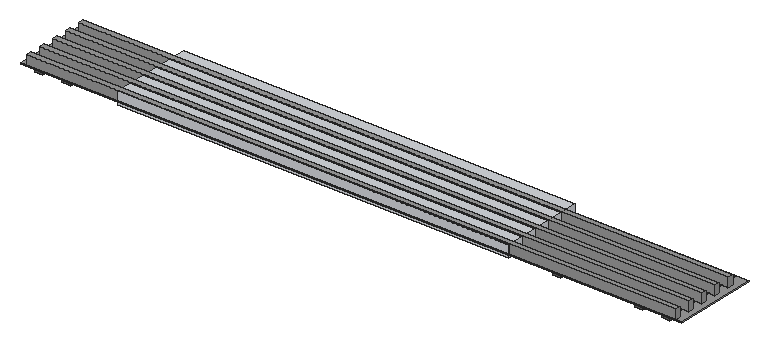
Revit family "1112-5, Solid", category Generic Models, host Face, Revit 2020
Family settings
  Host = Face
  Can host rebar = No
  Round Connector Dimension = Use Diameter
  Part Type = Normal
  Cut with Voids When Loaded = No
  Shared = No
  Room Calculation Point = No
Parameters
  min_value [instance] = 1' - 11 1/4"  # constant formula
  max_value [instance] = 11' - 11 1/4"  # constant formula
  actual_value [instance] = if(NET LENGTH < min_value, min_value, if(NET LENGTH > max_value, max_value, NET LENGTH))  # 7' - 11 1/4"
  SCRIM MATERIAL [instance] = SCRIM
  SCRIM [instance] = yes
  NET LENGTH [instance] = 7' - 11 1/4"
  Default Elevation = 4' - 0"
  BACKER MATERIAL [instance] = BLACK-BACKERS
  .. MEMBER WIDTH [instance] = 0' - 0 3/4"  # constant formula
  .. MEMBER MATERIAL [instance] = Solid Western Hemlock
  .. MEMBER LENGTH [instance] = actual_value  # 7' - 11 1/4"
  .. MEMBER DEPTH [instance] = 0' - 1 3/8"  # constant formula
  .. MEMBER COUNT [instance] = 5  # constant formula
  IMPORTANT NOTE!!!                                                                             *Backer layout is for visualization purposes only, final layout to be determined by 9Wood. [instance] = ""
Reference planes (in)
  plane 1 "Center (Front/Back)": y = 0
  plane 2: z = 1.82209
  plane 3 "Center (Left/Right)": x = 0
Forms (in)
  Extrusion 1, solid
    sketch origin (132, -33.80483, 0) x (1, 0, 0) y (0, 1, 0)
      loop
        line (-118.625, 33.80483) -> (-61.26146, 33.80483) -> (-61.26146, 45.86733) -> (-118.625, 45.86733) -> (-118.625, 33.80483)
    from 1.82209 to 0
Dimensions and locks (in)
  aligned and locked: Extrusion 1 to plane 2
  aligned and locked: plane 3 "Center (Left/Right)" to nested 1
Nested families (in)
  nested 1: "1100 SERIES CONFIG" at (0, 2, 0), .. MEMBER DEPTH <- ".. MEMBER DEPTH", .. MEMBER LENGTH <- ".. MEMBER LENGTH", .. MEMBER WIDTH <- ".. MEMBER WIDTH", .. MEMBER MATERIAL <- ".. MEMBER MATERIAL", BACKING M MATERIAL <- "BACKER MATERIAL", SCRIM  MATERIAL <- "SCRIM MATERIAL", .. MEMBER COUNT <- ".. MEMBER COUNT", SCRIM <- "SCRIM", type "1100 SERIES CONFIG"
    with X 7' - 8", SCRIM OVERHANG 2 0' - 0 3/32", SCRIM OVERHANG 0' - 0 7/8", SCRIM LENGTH 8' - 1", SCRIM  MATERIAL SCRIM, SCRIM yes, NOMINAL LENGTH 7, N 8, Inset 6' - 0 3/8", INSET 0' - 1", INDEX 0' - 5 5/8", HALF MEMBER WIDTH 0' - 0 3/8", HALF LENGTH 3' - 11 5/8", END BACKER yes, BACKING M WIDTH 0' - 1 1/4", BACKING M OC SPACING 1' - 0", BACKING M MATERIAL BLACK-BACKERS, BACKING M LENGTH 0' - 11 7/8", BACKING M DEPTH 0' - 0 1/2", BACKING M COUNT 8, 3/16" INSET 0' - 0 3/16", .. MEMBER WIDTH 0' - 0 3/4", .. MEMBER OC SPACING 0' - 2.4", .. MEMBER MATERIAL Solid Western Hemlock, .. MEMBER LENGTH 7' - 11 1/4", .. MEMBER DEPTH 0' - 1 3/8", .. MEMBER COUNT 5
Definition of nested family "1100 SERIES CONFIG"
  Parameters (values of type "1100 SERIES CONFIG")
    X [instance] = .. MEMBER LENGTH - 0' 3 1/4"  # 5' - 5"
    SCRIM OVERHANG 2 [instance] = 0' - 0 3/32"  # constant formula
    SCRIM OVERHANG [instance] = 0' - 0 7/8"  # constant formula
    SCRIM LENGTH [instance] = .. MEMBER LENGTH + (SCRIM OVERHANG * 2)  # 5' - 10"
    SCRIM  MATERIAL [instance] = none
    SCRIM [instance] = yes
    NOMINAL LENGTH [instance] = 7
    N [instance] = if((X - (rounddown(X / 1' 0") * 1' 0")) > 1' 0", rounddown(X / 1' 0") + 2, rounddown(X / 1' 0") + 1)  # 6
    Inset [instance] = 6' - 0 3/8"  # constant formula
    INSET [instance] = 0' - 1"  # constant formula
    END BACKER [instance] = INDEX > 0' 3 5/8"  # yes
    INDEX [instance] = (.. MEMBER LENGTH - ((N - 1) * 1' 0")) / 2  # 0' - 4 1/8"
    HALF MEMBER WIDTH [instance] = .. MEMBER WIDTH / 2  # 0' - 0 5/16"
    HALF LENGTH [instance] = .. MEMBER LENGTH / 2  # 2' - 10 1/8"
    Default Elevation = 0' - 0"
    BACKING M WIDTH [instance] = 0' - 1 1/4"
    BACKING M SPACING = 3' - 3"
    BACKING M MATERIAL [instance] = none
    BACKING M LENGTH [instance] = 0' - 11 7/8"
    BACKING M DEPTH [instance] = 0' - 0 1/2"
    BACKING M COUNT [instance] = N  # 6
    BACKING M OC SPACING [instance] = 1' - 0"  # constant formula
    3/16" INSET [instance] = 0' - 0 3/16"  # constant formula
    .. MEMBER WIDTH [instance] = 0' - 0 5/8"
    .. MEMBER OC SPACING [instance] = 1' 0" / .. MEMBER COUNT  # 0' - 4"
    .. MEMBER MATERIAL [instance] = none
    .. MEMBER LENGTH [instance] = 5' - 8 1/4"
    .. MEMBER DEPTH [instance] = 0' - 1 3/8"
    .. MEMBER COUNT [instance] = 3
  Reference planes (in)
    plane 1 "Center (Front/Back)": y = -2
    plane 2: z = 0
    plane 3 "Center (Left/Right)": x = 0
    plane 4: x = 1
    plane 5: x = 4.125
    plane 6: x = 34.125
    plane 7: x = 68.25
    plane 8: x = 67.25
    plane 9: x = 16.125
    plane 10: y = -1.8125
    plane 11: y = -1.6875
    plane 12: y = 2.3125
    plane 13: x = 69.125
    plane 14: x = -0.875
    plane 15: z = 0.5
    plane 16: z = 0.5625
    plane 17: y = 10.0625
    plane 18: y = 10.15625
    plane 19: y = -2.09375
  Dimensions and locks (in)
    "INSET": plane 3 "Center (Left/Right)" to plane 4
    "INDEX": plane 3 "Center (Left/Right)" to plane 5
    "HALF LENGTH": plane 3 "Center (Left/Right)" to plane 6
    ".. MEMBER LENGTH": plane 3 "Center (Left/Right)" to plane 7
    "INSET": plane 8 to plane 7
    equal spacing: group 2, group 3, group 6, group 7, group 8, group 9  (x3)
    "3/16" INSET": plane 1 "Center (Front/Back)" to plane 10
    ".. MEMBER OC SPACING": plane 12 to plane 11
    "SCRIM OVERHANG": plane 14 to plane 3 "Center (Left/Right)"
    "SCRIM OVERHANG": plane 7 to plane 13
    equal spacing: group 1, group 4, group 5  (x2)
    equal spacing: group 5, group 4, group 1
    "HALF MEMBER WIDTH": plane 1 "Center (Front/Back)" to plane 11
    "BACKING M OC SPACING": plane 5 to plane 9
    "SCRIM OVERHANG 2": plane 18 to plane 17
    "SCRIM OVERHANG 2": plane 19 to plane 1 "Center (Front/Back)"
    aligned and locked: level to plane 2
    aligned and locked: plane 6 to nested 1
    aligned and locked: nested 2 to plane 4
    aligned and locked: plane 5 to nested 3
    aligned and locked: plane 1 "Center (Front/Back)" to nested 1
    aligned and locked: nested 2 to plane 10
    aligned and locked: nested 3 to plane 10
    aligned and locked: nested 5 to plane 10
    aligned and locked: nested 4 to plane 10
    aligned and locked: nested 6 to plane 14
    aligned and locked: plane 12 to nested 7
    aligned and locked: nested 7 to plane 3 "Center (Left/Right)"
    aligned and locked: plane 9 to nested 5
    aligned and locked: plane 8 to nested 4
    aligned and locked: plane 15 to nested 2
    aligned and locked: nested 6 to plane 15
    aligned and locked: nested 1 to plane 16
    aligned and locked: nested 7 to plane 16
    aligned and locked: nested 6 to plane 19
  Nested families (in)
    nested 1: "INSTANCE - Parametric Cube" at (34.125, -1.6875, 1.9375), Length <- ".. MEMBER WIDTH", Height <- ".. MEMBER DEPTH", Width <- ".. MEMBER LENGTH", Material <- ".. MEMBER MATERIAL", type "INSTANCE - Parametric Cube"
      with Width 5' - 8 1/4", Material none, Length 0' - 0 5/8", Height 0' - 1 3/8"
    nested 2: "2ND INSTANCE - Parametric Cube" at (1.625, 4.125, 0), Height <- "BACKING M DEPTH", Length <- "BACKING M LENGTH", Width <- "BACKING M WIDTH", Material <- "BACKING M MATERIAL", visible <- "END BACKER", type "2ND INSTANCE - Parametric Cube"
      with Width 0' - 1 1/4", Material none, Length 0' - 11 7/8", Height 0' - 0 1/2"
    nested 3: "2ND INSTANCE - Parametric Cube" at (4.125, 4.125, 0), Length <- "BACKING M LENGTH", Height <- "BACKING M DEPTH", Width <- "BACKING M WIDTH", Material <- "BACKING M MATERIAL", type "2ND INSTANCE - Parametric Cube"
      with Width 0' - 1 1/4", Material none, Length 0' - 11 7/8", Height 0' - 0 1/2"
    nested 4: "2ND INSTANCE - Parametric Cube" at (66.625, 4.125, 0), Width <- "BACKING M WIDTH", Length <- "BACKING M LENGTH", Height <- "BACKING M DEPTH", Material <- "BACKING M MATERIAL", visible <- "END BACKER", type "2ND INSTANCE - Parametric Cube"
      with Width 0' - 1 1/4", Material none, Length 0' - 11 7/8", Height 0' - 0 1/2"
    nested 5: "2ND INSTANCE - Parametric Cube" at (16.125, 4.125, 0), Length <- "BACKING M LENGTH", Height <- "BACKING M DEPTH", Width <- "BACKING M WIDTH", Material <- "BACKING M MATERIAL", type "2ND INSTANCE - Parametric Cube"
      with Width 0' - 1 1/4", Material none, Length 0' - 11 7/8", Height 0' - 0 1/2"
    nested 6: "3RD INSTANCE - Parametric Cube" at (34.125, 4.0445, 0.5), Width <- "SCRIM LENGTH", Material <- "SCRIM  MATERIAL", visible <- "SCRIM", type "3RD INSTANCE - Parametric Cube"
      with Width 5' - 10", Material none, Length 1' - 0.27649", Height 0' - 0 1/16"
    nested 7: "INSTANCE - Parametric Cube" at (34.125, 2.3125, 1.9375), Length <- ".. MEMBER WIDTH", Height <- ".. MEMBER DEPTH", Width <- ".. MEMBER LENGTH", Material <- ".. MEMBER MATERIAL", type "INSTANCE - Parametric Cube"
      with Width 5' - 8 1/4", Material none, Length 0' - 0 5/8", Height 0' - 1 3/8"
    nested 8: "INSTANCE - Parametric Cube" at (34.125, 6.3125, 1.9375), Length <- ".. MEMBER WIDTH", Height <- ".. MEMBER DEPTH", Width <- ".. MEMBER LENGTH", Material <- ".. MEMBER MATERIAL", type "INSTANCE - Parametric Cube"
      with Width 5' - 8 1/4", Material none, Length 0' - 0 5/8", Height 0' - 1 3/8"
    nested 9: "2ND INSTANCE - Parametric Cube" at (28.125, 4.125, 0), Length <- "BACKING M LENGTH", Height <- "BACKING M DEPTH", Width <- "BACKING M WIDTH", Material <- "BACKING M MATERIAL", type "2ND INSTANCE - Parametric Cube"
      with Width 0' - 1 1/4", Material none, Length 0' - 11 7/8", Height 0' - 0 1/2"
    nested 10: "2ND INSTANCE - Parametric Cube" at (40.125, 4.125, 0), Length <- "BACKING M LENGTH", Height <- "BACKING M DEPTH", Width <- "BACKING M WIDTH", Material <- "BACKING M MATERIAL", type "2ND INSTANCE - Parametric Cube"
      with Width 0' - 1 1/4", Material none, Length 0' - 11 7/8", Height 0' - 0 1/2"
    nested 11: "2ND INSTANCE - Parametric Cube" at (52.125, 4.125, 0), Length <- "BACKING M LENGTH", Height <- "BACKING M DEPTH", Width <- "BACKING M WIDTH", Material <- "BACKING M MATERIAL", type "2ND INSTANCE - Parametric Cube"
      with Width 0' - 1 1/4", Material none, Length 0' - 11 7/8", Height 0' - 0 1/2"
    nested 12: "2ND INSTANCE - Parametric Cube" at (64.125, 4.125, 0), Length <- "BACKING M LENGTH", Height <- "BACKING M DEPTH", Width <- "BACKING M WIDTH", Material <- "BACKING M MATERIAL", type "2ND INSTANCE - Parametric Cube"
      with Width 0' - 1 1/4", Material none, Length 0' - 11 7/8", Height 0' - 0 1/2"
  Definition of nested family "INSTANCE - Parametric Cube"
    Parameters (values of type "INSTANCE - Parametric Cube")
      Width [instance] = 0' - 6"
      Material [instance] = none
      Length [instance] = 1' - 0"
      Height [instance] = 1' - 6"
      Default Elevation = 0' - 0"
    Reference planes (in)
      plane 1 "Center (Front/Back)": y = 0
      plane 2: z = 0
      plane 3 "Center (Left/Right)": x = 0
      plane 4: x = -3
      plane 5: x = 3
      plane 6: y = 6
      plane 7: y = -6
      plane 8: z = -18
    Forms (in)
      Extrusion 1, solid, material <- "Material"
        sketch origin (0, 0, 0) x (1, 0, 0) y (0, 1, 0)
          loop
            line (-3, 6) -> (-3, -6) -> (3, -6) -> (3, 6) -> (-3, 6)
        from -18 to 0
    Dimensions and locks (in)
      equal spacing: plane 4, plane 3 "Center (Left/Right)", plane 5
      equal spacing: plane 6, plane 1 "Center (Front/Back)", plane 7
      "Length": plane 6 to plane 7
      "Width": plane 4 to plane 5
      "Height": plane 8 to level
      aligned and locked: plane 2 to level
      aligned and locked: Extrusion 1 sketch curve to plane 6
      aligned and locked: plane 4 to Extrusion 1 sketch curve
      aligned and locked: plane 7 to Extrusion 1 sketch curve
      aligned and locked: Extrusion 1 sketch curve to plane 5
      aligned and locked: Extrusion 1 to plane 8
  Definition of nested family "2ND INSTANCE - Parametric Cube"
    Parameters (values of type "2ND INSTANCE - Parametric Cube")
      Width [instance] = 0' - 6"
      Material [instance] = none
      Length [instance] = 1' - 0"
      Height [instance] = 1' - 6"
      Default Elevation = 0' - 0"
    Reference planes (in)
      plane 1 "Center (Front/Back)": y = 0
      plane 2: z = 0
      plane 3 "Center (Left/Right)": x = 0
      plane 4: x = -3
      plane 5: x = 3
      plane 6: y = 6
      plane 7: y = -6
      plane 8: z = 18
    Forms (in)
      Extrusion 1, solid, material <- "Material"
        sketch origin (0, 0, 0) x (1, 0, 0) y (0, 1, 0)
          loop
            line (-3, 6) -> (-3, -6) -> (3, -6) -> (3, 6) -> (-3, 6)
        from 0 to 18
    Dimensions and locks (in)
      equal spacing: plane 4, plane 3 "Center (Left/Right)", plane 5
      equal spacing: plane 6, plane 1 "Center (Front/Back)", plane 7
      "Length": plane 6 to plane 7
      "Width": plane 4 to plane 5
      "Height": level to plane 8
      aligned and locked: plane 2 to level
      aligned and locked: Extrusion 1 sketch curve to plane 6
      aligned and locked: plane 4 to Extrusion 1 sketch curve
      aligned and locked: plane 7 to Extrusion 1 sketch curve
      aligned and locked: Extrusion 1 sketch curve to plane 5
      aligned and locked: plane 8 to Extrusion 1
      aligned and locked: Extrusion 1 to level
  Definition of nested family "3RD INSTANCE - Parametric Cube"
    Parameters (values of type "3RD INSTANCE - Parametric Cube")
      Width [instance] = 0' - 6"
      Material [instance] = none
      Length [instance] = 1' - 0"
      Height [instance] = 1' - 6"
      Default Elevation = 0' - 0"
    Reference planes (in)
      plane 1 "Center (Front/Back)": y = 0
      plane 2: z = 0
      plane 3 "Center (Left/Right)": x = 0
      plane 4: x = -3
      plane 5: x = 3
      plane 6: y = 6
      plane 7: y = -6
      plane 8: z = 18
    Forms (in)
      Extrusion 1, solid, material <- "Material"
        sketch origin (0, 0, 0) x (1, 0, 0) y (0, 1, 0)
          loop
            line (-3, 6) -> (-3, -6) -> (3, -6) -> (3, 6) -> (-3, 6)
        from 0 to 18
    Dimensions and locks (in)
      equal spacing: plane 4, plane 3 "Center (Left/Right)", plane 5
      equal spacing: plane 6, plane 1 "Center (Front/Back)", plane 7
      "Length": plane 6 to plane 7
      "Width": plane 4 to plane 5
      "Height": level to plane 8
      aligned and locked: plane 2 to level
      aligned and locked: Extrusion 1 sketch curve to plane 6
      aligned and locked: plane 4 to Extrusion 1 sketch curve
      aligned and locked: plane 7 to Extrusion 1 sketch curve
      aligned and locked: Extrusion 1 sketch curve to plane 5
      aligned and locked: plane 8 to Extrusion 1
      aligned and locked: Extrusion 1 to level
